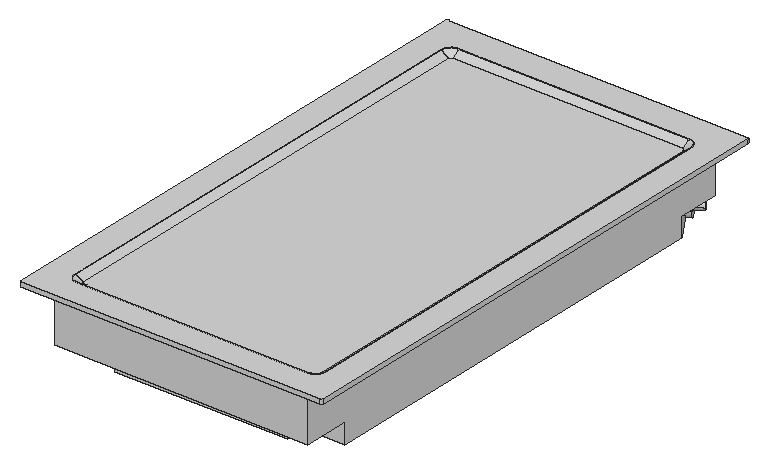
Revit family "FP-Revit19-en-CIT122DX1-CIT152DX1-TeppanyakiCooktop-0-90003221A-US-CA", category Specialty Equipment, Revit 2019
Family settings
  Round Connector Dimension = Use Diameter
  Part Type = Normal
  Work Plane-Based = No
  Always vertical = Yes
  Cut with Voids When Loaded = Yes
  Shared = No
  Room Calculation Point = No
Parameters (values of type "CIT122DX1")
  Visibility - Clearance Required = yes
  Product - Height = ([Chassis - Height]) + 5.5 mm  # 74 mm
  Product - Width = 300 mm
  Product - Depth = 530 mm  # constant formula
  Model = "CIT122DX1"
  Material - Teppanyaki = Fisher & Paykel - Stainless Steel
  Material - Body = Fisher & Paykel - Stainless Steel
  Manufacturer = "Fisher & Paykel Appliances Ltd"  # constant formula
  Description = "Auxiliary Modular Teppanyaki Cooktop, 12\""
  Countertop - Height [instance] = 915 mm
  Connector Description - Electrical = "120V, 60Hz, 20A"
  Clearance - Side Combustible = 27 mm  # constant formula
  Clearance - Rear Combustible = 20 mm  # constant formula
  Clearance - Overhead Rangehood = 650 mm  # constant formula
  Clearance - Overhead Non-Combustible = 450 mm  # constant formula
  Chassis - Width = 251 mm
  Chassis - Height = 68.5 mm  # constant formula
  Chassis - Depth = 504 mm  # constant formula
  Cavity - Width = 260 mm
  Cavity - Height = 87 mm  # constant formula
  Cavity - Depth (Proud Mount) = 507 mm  # constant formula
  Cavity - Depth (Flush Mount) = 509 mm  # constant formula
Types (2, lengths in mm): name | Product - Width | Model | Description | Chassis - Width | Cavity - Width
  CIT122DX1 | 300 | "CIT122DX1" | "Auxiliary Modular Teppanyaki Cooktop, 12\"" | 251 | 260
  CIT152DX1 | 385 | "CIT152DX1" | "Auxiliary Modular Teppanyaki Cooktop, 15\"" | 336 | 347
Reference planes
  plane 1 "Front": y = 0
  plane 2: z = 0
  plane 3 "Center (Left/Right)": x = 0
  plane 4 "Product - LHS": x = -150
  plane 5 "Clearance - LHS": x = -157
  plane 6 "Product - RHS": x = 150
  plane 7 "Clearance - RHS": x = 157
  plane 8 "Tape": z = 909.5
  plane 9 "Product - Height": z = 915
  plane 10 "Cavity - Height": z = 828
  plane 11 "Chassis Base": z = 841
  plane 12 "Product - Depth": y = 530
  plane 13 "Cavity - LHS": x = -130
  plane 14 "Cavity - RHS": x = 130
  plane 15 "Mounting Flange": z = 911
  plane 16 "Clearance - Rear": y = 540
  plane 17 "2mm Offset LHS": x = -152
  plane 18 "2mm Offset RHS": x = 152
  plane 19 "Recess 6.5mm": z = 908.5
  plane 20: y = 265
  plane 21 "Chassis - Rear": y = 517.5
  plane 22 "Chassis - Front": y = 13.5
  plane 23 "Cavity - Rear": y = 519.5
  plane 24 "Cavity - Front": y = 10.5
  plane 25 "Chassis - RHS": x = 125.5
  plane 26 "Chassis - LHS": x = -125.5
Forms (mm)
  Extrusion 1, solid, material "Fisher & Paykel - Stainless Steel" <- "Material - Teppanyaki"
    sketch origin (0, 0, 0) x (1, 0, 0) y (0, 1, 0)
      loop
        line (-137, 523) -> (-137, 7) -> (137, 7) -> (137, 523) -> (-137, 523)
    from 909.5 to 911
  Extrusion 2, void
    sketch origin (0, 0, 0) x (1, 0, 0) y (0, 1, 0)
      loop
        arc (-148, 532) -> (-150.828, 530.828) -> (-152, 528) r 4
        line (-152, 528) -> (-152, 2)
        arc (-152, 2) -> (-150.828, -0.828) -> (-148, -2) r 4
        line (-148, -2) -> (148, -2)
        arc (148, -2) -> (150.828, -0.828) -> (152, 2) r 4
        line (152, 2) -> (152, 528)
        arc (152, 528) -> (150.828, 530.828) -> (148, 532) r 4
        line (148, 532) -> (-148, 532)
    from 908.5 to 915
  Extrusion 3, solid, material "Fisher & Paykel - Clearance Required (Cutout)", visible <- "Visibility - Clearance Required", detail levels coarse
    sketch origin (0, 0, 0) x (0, 1, 0) y (0, 0, 1)
      loop
        line (10.5, 909.5) -> (10.5, 828) -> (519.5, 828) -> (519.5, 909.5) -> (10.5, 909.5)
    from -130 to 130
  Extrusion 4, solid, material "Fisher & Paykel - Stainless Steel" <- "Material - Teppanyaki"
    sketch origin (0, 0, 0) x (1, 0, 0) y (0, 1, 0)
      loop
        arc (-148, 530) -> (-149.414, 529.414) -> (-150, 528) r 2
        line (-150, 528) -> (-150, 2)
        arc (-150, 2) -> (-149.414, 0.586) -> (-148, 0) r 2
        line (-148, 0) -> (148, 0)
        arc (148, 0) -> (149.414, 0.586) -> (150, 2) r 2
        line (150, 2) -> (150, 528)
        arc (150, 528) -> (149.414, 529.414) -> (148, 530) r 2
        line (148, 530) -> (-148, 530)
    from 911 to 915
  Extrusion 5, void
    sketch origin (0, 0, 0) x (1, 0, 0) y (0, 1, 0)
      loop
        arc (-113.995, 499.908) -> (-121.004, 497.004) -> (-123.908, 489.995) r 9.913
        line (-123.908, 489.995) -> (-123.908, 37.005)
        arc (-123.908, 37.005) -> (-121.004, 29.996) -> (-113.995, 27.092) r 9.913
        line (-113.995, 27.092) -> (113.995, 27.092)
        arc (113.995, 27.092) -> (121.004, 29.996) -> (123.908, 37.005) r 9.913
        line (123.908, 37.005) -> (123.908, 489.995)
        arc (123.908, 489.995) -> (121.004, 497.004) -> (113.995, 499.908) r 9.913
        line (113.995, 499.908) -> (-113.995, 499.908)
    from 909.5 to 915
  Sweep 6, solid, material "Fisher & Paykel - Stainless Steel" <- "Material - Teppanyaki", detail levels fine
    path in 3D
      loop
        arc (-113.995, 27.092, 915) -> (-121.004, 29.996, 915) -> (-123.908, 37.005, 915) r 9.913
        line (-123.908, 37.005, 915) -> (-123.908, 489.995, 915)
        arc (-123.908, 489.995, 915) -> (-121.004, 497.004, 915) -> (-113.995, 499.908, 915) r 9.913
        line (-113.995, 499.908, 915) -> (113.995, 499.908, 915)
        arc (113.995, 499.908, 915) -> (121.004, 497.004, 915) -> (123.908, 489.995, 915) r 9.913
        line (123.908, 489.995, 915) -> (123.908, 37.005, 915)
        arc (123.908, 37.005, 915) -> (121.004, 29.996, 915) -> (113.995, 27.092, 915) r 9.913
        line (113.995, 27.092, 915) -> (-113.995, 27.092, 915)
    profile origin (0, 27.092, 915) x (0, -1, 0) y (0, 0, 1)
      loop
        line (-7.413, -5) -> (0, -5) -> (0, 0) -> (-7.413, -5)
  Extrusion 7, solid, material "Fisher & Paykel - Clearance Required", visible <- "Visibility - Clearance Required", detail levels coarse
    sketch origin (0, 0, 0) x (1, 0, 0) y (0, 1, 0)
      loop
        line (-157, 540) -> (-157, 0) -> (157, 0) -> (157, 540) -> (-157, 540)
    from 915 to 1365
  Extrusion 8, solid, material "Fisher & Paykel - Clearance Required (Combustible)", visible <- "Visibility - Clearance Required", detail levels coarse
    sketch origin (0, 0, 0) x (1, 0, 0) y (0, 1, 0)
      loop
        line (-157, 540) -> (-157, 0) -> (157, 0) -> (157, 540) -> (-157, 540)
    from 1365 to 1565
  Extrusion 9, solid, material "Fisher & Paykel - Stainless Steel" <- "Material - Body"
    sketch origin (0, 0, 0) x (0, 1, 0) y (0, 0, 1)
      loop
        line (13.5, 909.5) -> (13.5, 861) -> (38, 861) -> (38, 841) -> (517.5, 841) -> (517.5, 909.5) -> (13.5, 909.5)
    from -125.5 to 125.5
  Extrusion 10, void
    sketch origin (0, 0, 0) x (1, 0, 0) y (0, 1, 0)
      loop
        line (98, 517.5) -> (125.5, 476.5) -> (125.5, 517.5) -> (98, 517.5)
      loop
        line (85.5, 59) -> (85.5, 38) -> (125.5, 38) -> (125.5, 59) -> (85.5, 59)
      loop
        line (-85.5, 59) -> (-125.5, 59) -> (-125.5, 38) -> (-85.5, 38) -> (-85.5, 59)
    from 841 to 861
  Extrusion 11, solid, material "Fisher & Paykel - Stainless Steel" <- "Material - Body", detail levels medium+fine
    sketch origin (0, 0, 0) x (1, 0, 0) y (0, 0, 1)
      loop
        line (-95.5, 851) -> (-95.5, 861) -> (-109.5, 861) -> (-109.5, 851) -> (-95.5, 851)
      loop
        line (93, 851) -> (112, 851) -> (112, 861) -> (93, 861) -> (93, 851)
    from -59 to -38
  Revolve 12, solid, material "Fisher & Paykel - Stainless Steel" <- "Material - Body", detail levels medium+fine
    sketch origin (0, 0, 851) x (1, 0, 0) y (0, 1, 0)
      loop
        line (106.077, 505.458) -> (119.365, 514.37) -> (117.554, 517.07) -> (109.25, 511.5) -> (105.742, 516.731) -> (100.758, 513.388) -> (106.077, 505.458)
      axis (106.077, 505.458) -> (119.365, 514.37)
    angle from 0 to 360
Cuts and joins
  Extrusion 5 cuts Extrusion 4
  Extrusion 5 cuts Extrusion 1
  Extrusion 10 cuts Extrusion 9
Lines and regions (mm)
  sketch lines
    curve 1: line (113.995, 27.092, 915) -> (-113.995, 27.092, 915)
    curve 2: arc (-123.908, 37.005, 915) -> (-121.004, 29.996, 915) -> (-113.995, 27.092, 915) r 9.913
    curve 3: line (-123.908, 37.005, 915) -> (-123.908, 489.995, 915)
    curve 4: arc (-113.995, 499.908, 915) -> (-121.004, 497.004, 915) -> (-123.908, 489.995, 915) r 9.913
    curve 5: line (-113.995, 499.908, 915) -> (113.995, 499.908, 915)
    curve 6: arc (123.908, 489.995, 915) -> (121.004, 497.004, 915) -> (113.995, 499.908, 915) r 9.913
    curve 7: line (123.908, 489.995, 915) -> (123.908, 37.005, 915)
    curve 8: arc (113.995, 27.092, 915) -> (121.004, 29.996, 915) -> (123.908, 37.005, 915) r 9.913
Dimensions and locks
  equal spacing: plane 4 "Product - LHS", plane 3 "Center (Left/Right)", plane 6 "Product - RHS"
  equal spacing: plane 5 "Clearance - LHS", plane 3 "Center (Left/Right)", plane 7 "Clearance - RHS"
  "Product - Width": plane 4 "Product - LHS" to plane 6 "Product - RHS"
  equal spacing: plane 13 "Cavity - LHS", plane 3 "Center (Left/Right)", plane 14 "Cavity - RHS"
  "Cavity - Width": plane 13 "Cavity - LHS" to plane 14 "Cavity - RHS"
  "Product - Depth": plane 1 "Front" to plane 12 "Product - Depth"
  equal spacing: Extrusion 1 sketch curve, plane 3 "Center (Left/Right)", Extrusion 1 sketch curve
  locked: plane 4 "Product - LHS" to Extrusion 1 sketch curve at 13
  "Chassis - Height": plane 8 "Tape" to plane 11 "Chassis Base"
  locked: plane 12 "Product - Depth" to Extrusion 1 sketch curve at 7
  locked: plane 1 "Front" to Extrusion 1 sketch curve at 7
  locked: plane 8 "Tape" to plane 15 "Mounting Flange" at 1.5
  equal spacing: Extrusion 2 sketch curve, plane 3 "Center (Left/Right)", Extrusion 2 sketch curve
  Extrusion 2 sketch curve to plane 4 "Product - LHS" = 2 mm
  locked: plane 12 "Product - Depth" to Extrusion 2 sketch curve at 2
  plane 1 "Front" to Extrusion 2 sketch curve = 2 mm
  locked: plane 9 "Product - Height" to plane 8 "Tape" at 5.5
  "Countertop - Height": plane 9 "Product - Height" to level
  "Clearance - Overhead Non-Combustible": Extrusion 7 to plane 9 "Product - Height"
  "Clearance - Overhead Rangehood": Extrusion 8 to plane 9 "Product - Height"
  "Clearance - Side Combustible": plane 5 "Clearance - LHS" to plane 13 "Cavity - LHS"
  equal spacing: plane 17 "2mm Offset LHS", plane 3 "Center (Left/Right)", plane 18 "2mm Offset RHS"
  plane 17 "2mm Offset LHS" to plane 4 "Product - LHS" = 2 mm
  equal spacing: Extrusion 9, plane 3 "Center (Left/Right)", Extrusion 9
  locked: plane 9 "Product - Height" to plane 19 "Recess 6.5mm" at 6.5
  locked: Revolve 12 to plane 11 "Chassis Base" at 10
  locked: Extrusion 10 sketch curve to cut or joined group of Extrusion 9, Extrusion 10 at 27.5
  locked: cut or joined group of Extrusion 9, Extrusion 10 to Extrusion 10 sketch curve at 41
  "Cavity - Height": plane 9 "Product - Height" to plane 10 "Cavity - Height"
  equal spacing: plane 12 "Product - Depth", plane 20, plane 1 "Front"
  locked: plane 20 to plane 1 "Front" at 265
  equal spacing: plane 23 "Cavity - Rear", plane 20, plane 24 "Cavity - Front"
  "Chassis - Depth": plane 21 "Chassis - Rear" to plane 22 "Chassis - Front"
  "Cavity - Depth (Flush Mount)": plane 23 "Cavity - Rear" to plane 24 "Cavity - Front"
  equal spacing: plane 26 "Chassis - LHS", plane 3 "Center (Left/Right)", plane 25 "Chassis - RHS"
  "Chassis - Width": plane 26 "Chassis - LHS" to plane 25 "Chassis - RHS"
  aligned and locked: level to plane 2
  aligned and locked: Extrusion 1 to plane 8 "Tape"
  aligned and locked: Extrusion 1 to plane 15 "Mounting Flange"
  aligned and locked: plane 9 "Product - Height" to Extrusion 2
  aligned and locked: plane 10 "Cavity - Height" to Extrusion 3 sketch curve
  aligned and locked: plane 8 "Tape" to Extrusion 3
  aligned and locked: Extrusion 3 to plane 13 "Cavity - LHS"
  aligned and locked: plane 14 "Cavity - RHS" to Extrusion 3
  aligned and locked: Extrusion 4 sketch curve to plane 12 "Product - Depth"
  aligned and locked: Extrusion 4 sketch curve to plane 1 "Front"
  aligned and locked: Extrusion 4 sketch curve to plane 4 "Product - LHS"
  aligned and locked: plane 6 "Product - RHS" to Extrusion 4 sketch curve
  aligned and locked: plane 9 "Product - Height" to Extrusion 4
  aligned and locked: plane 9 "Product - Height" to Extrusion 5
  aligned and locked: plane 9 "Product - Height" to cut or joined group of Extrusion 4, Extrusion 5
  aligned and locked: plane 15 "Mounting Flange" to cut or joined group of Extrusion 4, Extrusion 5
  aligned and locked: Extrusion 7 sketch curve to plane 1 "Front"
  aligned and locked: Extrusion 7 sketch curve to plane 5 "Clearance - LHS"
  aligned and locked: plane 7 "Clearance - RHS" to Extrusion 7 sketch curve
  aligned and locked: plane 16 "Clearance - Rear" to Extrusion 7
  aligned and locked: Extrusion 7 to plane 9 "Product - Height"
  aligned and locked: Extrusion 8 to Extrusion 7
  aligned and locked: Extrusion 8 to plane 7 "Clearance - RHS"
  aligned and locked: plane 5 "Clearance - LHS" to Extrusion 8
  aligned and locked: plane 16 "Clearance - Rear" to Extrusion 8
  aligned and locked: plane 1 "Front" to Extrusion 8
  aligned and locked: Extrusion 9 sketch curve to plane 11 "Chassis Base"
  aligned and locked: Extrusion 10 to plane 11 "Chassis Base"
  aligned and locked: Extrusion 2 to plane 19 "Recess 6.5mm"
  aligned and locked: Extrusion 3 to plane 24 "Cavity - Front"
  aligned and locked: Extrusion 9 to plane 22 "Chassis - Front"
  aligned and locked: plane 21 "Chassis - Rear" to cut or joined group of Extrusion 9, Extrusion 10
  aligned and locked: cut or joined group of Extrusion 9, Extrusion 10 to plane 21 "Chassis - Rear"
  aligned and locked: plane 23 "Cavity - Rear" to Extrusion 3
  aligned and locked: cut or joined group of Extrusion 9, Extrusion 10 to plane 26 "Chassis - LHS"
  aligned and locked: plane 25 "Chassis - RHS" to cut or joined group of Extrusion 9, Extrusion 10
  aligned and locked: cut or joined group of Extrusion 9, Extrusion 10 to plane 25 "Chassis - RHS"
  aligned and locked: plane 26 "Chassis - LHS" to cut or joined group of Extrusion 9, Extrusion 10
Automatic sketch dimensions
  Extrusion 2 sketch curve to plane 4 "Product - LHS" = 2 mm  (x2)
  Extrusion 2 sketch curve to plane 1 "Front" = 2 mm
  plane 6 "Product - RHS" to Extrusion 2 sketch curve = 2 mm
  Extrusion 3 sketch curve to plane 8 "Tape" = 0 mm
  Extrusion 4 sketch curve to plane 4 "Product - LHS" = 2 mm  (x2)
  plane 6 "Product - RHS" to Extrusion 4 sketch curve = 2 mm
  Extrusion 4 sketch curve to Extrusion 4 sketch curve = 2 mm
  plane 13 "Cavity - LHS" to Extrusion 5 sketch curve = 6.092 mm
  Extrusion 5 sketch curve to Extrusion 5 sketch curve = 9.913 mm  (x2)
  Extrusion 5 sketch curve to plane 14 "Cavity - RHS" = 16.005 mm  (x2)
  Extrusion 5 sketch curve to plane 14 "Cavity - RHS" = 6.092 mm
  Sweep 6 sketch curve to profile plane = 0 mm  (x2)
  profile plane to Sweep 6 sketch curve = 7.413 mm
  Sweep 6 sketch curve to profile plane = 5 mm
  Extrusion 7 sketch curve to plane 16 "Clearance - Rear" = 0 mm
  plane 1 "Front" to Extrusion 8 sketch curve = 0 mm
  Extrusion 8 sketch curve to plane 5 "Clearance - LHS" = 0 mm
  Extrusion 8 sketch curve to plane 7 "Clearance - RHS" = 0 mm
  Extrusion 8 sketch curve to plane 16 "Clearance - Rear" = 0 mm
  Extrusion 9 sketch curve to plane 8 "Tape" = 0 mm
  plane 11 "Chassis Base" to Extrusion 9 sketch curve = 20 mm
  plane 13 "Cavity - LHS" to Extrusion 10 sketch curve = 4.5 mm
  Extrusion 10 sketch curve to Extrusion 10 sketch curve = 40 mm
  Extrusion 10 sketch curve to plane 14 "Cavity - RHS" = 44.5 mm
  Extrusion 10 sketch curve to plane 14 "Cavity - RHS" = 4.5 mm  (x2)
  Extrusion 10 sketch curve to Extrusion 10 sketch curve = 21 mm  (x2)
  plane 11 "Chassis Base" to Extrusion 11 sketch curve = 10 mm  (x2)
  plane 13 "Cavity - LHS" to Extrusion 11 sketch curve = 20.5 mm
  Extrusion 11 sketch curve to Extrusion 11 sketch curve = 14 mm
  Extrusion 11 sketch curve to plane 14 "Cavity - RHS" = 37 mm
  Extrusion 11 sketch curve to plane 14 "Cavity - RHS" = 18 mm
  Extrusion 11 sketch curve to Extrusion 11 sketch curve = 10 mm  (x2)
  Revolve 12 sketch curve to Revolve 12 sketch curve = 0 mm  (x2)
  Revolve 12 sketch curve to Revolve 12 sketch curve = 2.108 mm
  plane 6 "Product - RHS" to Revolve 12 sketch curve = 49.242 mm
  Revolve 12 sketch curve to Revolve 12 sketch curve = 4.984 mm
  Extrusion 3 sketch curve to plane 1 "Front" = 10.5 mm
  Extrusion 5 sketch curve to plane 1 "Front" = 37.005 mm
  Extrusion 9 sketch curve to plane 1 "Front" = 38 mm
  Extrusion 9 sketch curve to plane 1 "Front" = 13.5 mm
  Extrusion 10 sketch curve to plane 1 "Front" = 59 mm  (x2)
  Extrusion 3 sketch curve to plane 12 "Product - Depth" = 10.5 mm
  Extrusion 5 sketch curve to plane 12 "Product - Depth" = 40.005 mm
  Extrusion 9 sketch curve to plane 12 "Product - Depth" = 12.5 mm
  Extrusion 10 sketch curve to plane 12 "Product - Depth" = 12.5 mm
  Revolve 12 sketch curve to Revolve 12 sketch curve = 5.319 mm
  Revolve 12 sketch curve to Revolve 12 sketch curve = 3.509 mm
  Revolve 12 sketch curve to Revolve 12 sketch curve = 8.304 mm
  Revolve 12 sketch curve to plane 12 "Product - Depth" = 24.542 mm
  Revolve 12 sketch curve to Revolve 12 sketch curve = 6.042 mm
  Revolve 12 sketch curve to Revolve 12 sketch curve = 1.414 mm
Connectors
  electrical at (111.061, 508.801, 851), driven by "Connector Description - Electrical"
    settings: on Revolve 12, index 1, voltage 120 V, apparent load 0 VA, apparent load phase1 0 VA, apparent load phase2 0 VA, apparent load phase3 0 VA, power factor 1, load classification "Other", number of poles 1, system type 30, power factor state 1, is connector primary yes, connector utility no, sub classification motor no, connector description "120V, 60Hz, 20A"
